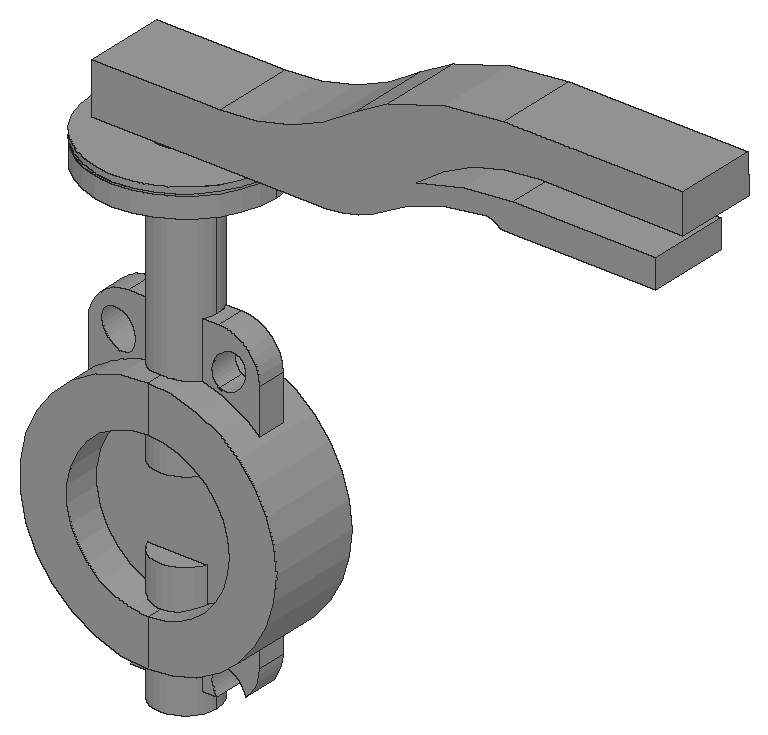
Revit family "2M_Butterfly Valve_UNIVAL_BWN-0302 - 40-600 mm", category Pipe Accessories, Revit 2016
Family settings
  Part Type = Valve - Breaks Into
  Round Connector Dimension = Use Diameter
  OmniClass Number = 23.65.55.14.17
  OmniClass Title = Adjusting/Controlling Valves for Liquid Services
  Work Plane-Based = No
  Always vertical = Yes
  Cut with Voids When Loaded = No
  Shared = No
Parameters (values of type "DN80")
  built-in parameter 1114242 [instance] = 1
  T = -10 mm
  Symbol_consist = E / 30 * 17  # 26.067 mm
  Seat Material = "EPDM / NBR"
  Loss Method = K Coefficient from Table
  Kv = 375
  K Coefficient Table = "Butterfly Valve Full Open"
  Ear_x1 = 22 mm
  Ear_y1 = 22 mm
  URL = "http://www.unival.com.tr/"
  Stem_top_h = 1 mm
  Standard No = "TS EN 593+A1"
  Pressure Rating = "PN16"
  Operator Type = M_Handle - Curved : Lever_260mm
  Model = "BWN-0302X080"
  Max. Working Temperature = "EPDM 120°C (water), NBR 90°C (water and petroleum oil)"
  Max. Working Pressure = "11 Bar"
  Max Diff. Pressure (Allowed) = "3 Bar"
  Manufacturer = "Giacomini Unival\r\nGiacomini Unival"
  Gasket Material = "EPDM / NBR"
  Stem_D = 30.816 mm
  Eclipse_r2 = Eclipse_r1 / 1.3  # 15.385 mm
  Eclipse_r1 = 20 mm
  Eclipse_l = 27 mm
  Eclipse_h = 70 mm
  EarEdge_r = 20 mm
  EarBottom_h = 75 mm
  Disc_r = DN / 2  # 40 mm
  Disc Material = "Nickel plated ductile iron"
  Description TR = "Wafer tip kelebek vana"
  Description = "Wafer type butterfly valve"
  DN = 80 mm
  D = 90 mm
  Connection Type = "Wafer"
  Certifications = "TSE EAC CE"
  E = 46 mm
  Body Material = "Ductile iron"
  Body_r = DN / 2 + 23 mm  # 63 mm
  B = 85 mm
  Eclipse_angle = 30.00°
  A = 160 mm
Types (15, lengths in mm): name | T | Symbol_consist | Kv | Ear_x1 | Ear_y1 | Stem_top_h | Operator Type | Model | Max Diff. Pressure (Allowed) | Stem_D | Eclipse_r2 | Eclipse_r1 | Eclipse_l | Eclipse_h | EarEdge_r | EarBottom_h | Disc_r | DN | D | E | Body_r | B | Eclipse_angle | A
  DN100 | -10 | 29.183 | 760 | 32 | 40 | 1 | M_Handle - Curved : Lever_260mm | "BWN-0302X100" | "3 Bar" | 34.5 | 20 | 26 | 36 | 86 | 25 | 90 | 50 | 100 | 90 | 51.5 | 73 | 100 | 30.00° | 180
  DN250 | -10 | 38.817 | 5050 | 75 | 70 | 26 | M_Handle - Curved : Lever_416mm | "BWN-0302X250" | "1.5 Bar" | 45.888 | 40 | 52 | 70 | 168 | 32 | 180 | 125 | 250 | 125 | 68.5 | 148 | 200 | 30.00° | 274
  DN40 | -10 | 19.55 | 49.5 | 20 | 22 | 1 | M_Handle - Curved : Lever_260mm | "BWN-0302X040" | "3 Bar" | 23.112 | 13.846 | 18 | 20 | 50 | 10 | 54 | 20 | 40 | 90 | 34.5 | 43 | 63.5 | 20.00° | 140
  DN50 | -10 | 24.367 | 115 | 20 | 22 | 1 | M_Handle - Curved : Lever_260mm | "BWN-0302X050" | "3 Bar" | 28.806 | 13.846 | 18 | 22 | 56 | 14 | 60 | 25 | 50 | 90 | 43 | 48 | 68.5 | 30.00° | 140
  DN65 | -10 | 25.5 | 255 | 20 | 22 | 1 | M_Handle - Curved : Lever_260mm | "BWN-0302X065" | "3 Bar" | 30.146 | 13.846 | 18 | 23 | 65 | 14 | 70 | 32.5 | 65 | 90 | 45 | 55.5 | 76 | 30.00° | 152
  DN80 | -10 | 26.067 | 375 | 22 | 22 | 1 | M_Handle - Curved : Lever_260mm | "BWN-0302X080" | "3 Bar" | 30.816 | 15.385 | 20 | 27 | 70 | 20 | 75 | 40 | 80 | 90 | 46 | 63 | 85 | 30.00° | 160
  DN125 | -10 | 31.733 | 1030 | 34 | 36 | 1 | M_Handle - Curved : Lever_260mm | "BWN-0302X125" | "3 Bar" | 37.515 | 21.538 | 28 | 38 | 98 | 28 | 105 | 62.5 | 125 | 90 | 56 | 85.5 | 120 | 30.00° | 191
  DN150 | -10 | 32.017 | 1790 | 42 | 42 | 1 | M_Handle - Curved : Lever_260mm | "BWN-0302X150" | "3 Bar" | 37.85 | 23.077 | 30 | 46 | 110 | 25 | 117 | 75 | 150 | 90 | 56.5 | 98 | 132 | 30.00° | 202
  DN200 | -10 | 34 | 3450 | 56 | 52 | 23 | M_Handle - Curved : Lever_326mm | "BWN-0302X200" | "3 Bar" | 40.194 | 32.308 | 42 | 58 | 136 | 30 | 145 | 100 | 200 | 125 | 60 | 123 | 160 | 30.00° | 237
  DN300 | -10 | 45.05 | 7420 | 80 | 80 | 26 | M_Handle - Curved : Lever_416mm | "BWN-0302X300" | "1.5 Bar" | 53.257 | 44.615 | 58 | 84 | 194 | 40 | 208 | 150 | 300 | 125 | 79.5 | 173 | 230 | 30.00° | 312
  DN350 | -24 | 44.2 | 10300 | 86 | 90 | 1 | M_Gear - Operator  : GearS | "BWN-0302X350" | "" | 52.252 | 53.846 | 70 | 78 | 228 | 44 | 270 | 175 | 350 | 125 | 78 | 198 | 280 | 30.00° | 368
  DN400 | -25 | 49.867 | 14007 | 94 | 90 | 1 | M_Gear - Operator  : GearM | "BWN-0302X400" | "" | 58.951 | 56.923 | 74 | 84 | 256 | 44 | 300 | 200 | 400 | 175 | 88 | 223 | 310 | 30.00° | 400
  DN450 | -26 | 61.767 | 18551 | 94 | 90 | 1 | M_Gear - Operator  : GearM | "BWN-0302X450" | "" | 73.019 | 56.923 | 74 | 86 | 280 | 44 | 330 | 225 | 450 | 175 | 109 | 248 | 340 | 30.00° | 422
  DN500 | -25 | 71.967 | 23853 | 110 | 96 | 1 | M_Gear - Operator  : GearL | "BWN-0302X500" | "" | 85.078 | 64.615 | 84 | 100 | 310 | 50 | 370 | 250 | 500 | 210 | 127 | 273 | 388 | 30.00° | 480
  DN600 | -30 | 87.267 | 36894 | 130 | 130 | 1 | M_Gear - Operator  : GearL | "BWN-0302X600" | "" | 103.165 | 76.923 | 100 | 116 | 376 | 50 | 436 | 300 | 600 | 210 | 154 | 323 | 450 | 30.00° | 562
Reference planes
  plane 1 "Center (Front/Back)": y = 0
  plane 2: z = 0
  plane 3 "Center (Left/Right)": x = 0
  plane 4 "Disk": z = 40
  plane 5 "Disc 2": z = -40
  plane 6 "A": z = 160
  plane 7: z = -85
  plane 8: z = 20
  plane 9: z = -20
  plane 10 "Handle_Plane": z = 161
  plane 11: y = 23
  plane 12: y = -23
  plane 13: x = -84.994
  plane 14: x = 84.994
Forms (mm)
  Extrusion 1, solid, material "UNIVAL_Grey", detail levels fine
    sketch origin (0, 0, 0) x (1, 0, 0) y (0, 0, 1)
      loop
        circle (0, 0) r 40
    from -5 to 5
  Revolve 2, solid, material "UNIVAL_IRON", detail levels fine
    sketch origin (0, 0, 0) x (0, 1, 0) y (0, 0, 1)
      loop
        line (23, 63) -> (-23, 63) -> (-23, 40) -> (23, 40) -> (23, 63)
      axis (23, 0) -> (-23, 0)
    angle from 0 to 360
  Extrusion 3, solid, material "UNIVAL_IRON", detail levels fine
    sketch origin (0, 0, 0) x (1, 0, 0) y (0, 1, 0)
      loop
        circle (0, 0) r 15.408
    from 40 to 160
  Extrusion 4, solid, material "UNIVAL_IRON", detail levels fine
    sketch origin (0, 0, 0) x (1, 0, 0) y (0, 1, 0)
      loop
        circle (0, 0) r 15.408
    from -85 to -40
  Extrusion 5, solid, material "UNIVAL_IRON", detail levels fine
    sketch origin (0, 0, 160) x (1, 0, 0) y (0, 1, 0)
      loop
        circle (0, 0) r 45
    from -10 <- "T" to 0
  Extrusion 6, solid, material "UNIVAL_Grey", detail levels fine
    sketch origin (0, 0, 40) x (-1, 0, 0) y (0, -1, 0)
      loop
        circle (0, 0) r 15.408
    from -20 to 0
  Extrusion 7, solid, material "UNIVAL_Grey", detail levels fine
    sketch origin (0, 0, -40) x (-1, 0, 0) y (0, -1, 0)
      loop
        circle (0, 0) r 15.408
    from 0 to 20
  Extrusion 8, solid, material "UNIVAL_IRON", detail levels fine
    sketch origin (-1351.99, -1524, 160) x (-1, 0, 0) y (0, -1, 0)
      loop
        circle (-1351.99, -1524) r 45
    from 0 to 1 <- "Stem_top_h"
  Extrusion 9, solid, material "UNIVAL_IRON", detail levels fine
    sketch origin (0, 0, 0) x (1, 0, 0) y (0, 0, 1)
      loop
        arc (-22, 88.957) -> (-36.142, 83.1) -> (-42, 68.957) r 20
        line (-42, 68.957) -> (-42, 46.957)
        arc (-42, 46.957) -> (0, 63) -> (42, 46.957) r 63
        line (42, 46.957) -> (42, 68.957)
        arc (42, 68.957) -> (36.142, 83.1) -> (22, 88.957) r 20
        line (22, 88.957) -> (0, 88.957) -> (-22, 88.957)
      loop
        line (-22, -75) -> (0, -75) -> (22, -75)
        arc (22, -75) -> (36.142, -69.142) -> (42, -55) r 20
        line (42, -55) -> (42, -46.957)
        arc (42, -46.957) -> (0, -63) -> (-42, -46.957) r 63
        line (-42, -46.957) -> (-42, -55)
        arc (-42, -55) -> (-36.142, -69.142) -> (-22, -75) r 20
    from -7 to 7
  Extrusion 10, void, detail levels medium+fine
    sketch origin (0, 0, 0) x (1, 0, 0) y (0, 0, 1)
      loop
        spline (22, 61.34) -> (23.895, 60.639) -> (26.001, 60.577) -> (28.175, 61.157) -> (30.269, 62.339) -> (32.141, 64.043) -> (33.662, 66.154) -> (34.729, 68.526) -> (35.269, 70.999) -> (35.246, 73.404) -> (34.661, 75.577) -> (33.554, 77.37) -> (32, 78.66)
        spline (32, 78.66) -> (30.105, 79.361) -> (27.999, 79.423) -> (25.825, 78.843) -> (23.731, 77.661) -> (21.859, 75.957) -> (20.338, 73.846) -> (19.271, 71.474) -> (18.731, 69.001) -> (18.754, 66.596) -> (19.339, 64.423) -> (20.446, 62.63) -> (22, 61.34)
    from -10 to 10
  Extrusion 11, void, detail levels medium+fine
    sketch origin (0, 0, 0) x (-1, 0, 0) y (0, 0, -1)
      loop
        spline (22, -61.34) -> (20.446, -62.63) -> (19.339, -64.423) -> (18.754, -66.596) -> (18.731, -69.001) -> (19.271, -71.474) -> (20.338, -73.846) -> (21.859, -75.957) -> (23.731, -77.661) -> (25.825, -78.843) -> (27.999, -79.423) -> (30.105, -79.361) -> (32, -78.66)
        spline (32, -78.66) -> (33.554, -77.37) -> (34.661, -75.577) -> (35.246, -73.404) -> (35.269, -70.999) -> (34.729, -68.526) -> (33.662, -66.154) -> (32.141, -64.043) -> (30.269, -62.339) -> (28.175, -61.157) -> (26.001, -60.577) -> (23.895, -60.639) -> (22, -61.34)
    from -7 to 7
  Extrusion 12, void, detail levels medium+fine
    sketch origin (0, 0, 0) x (1, 0, 0) y (0, 0, 1)
      loop
        spline (22, -61.34) -> (20.446, -62.63) -> (19.339, -64.423) -> (18.754, -66.596) -> (18.731, -69.001) -> (19.271, -71.474) -> (20.338, -73.846) -> (21.859, -75.957) -> (23.731, -77.661) -> (25.825, -78.843) -> (27.999, -79.423) -> (30.105, -79.361) -> (32, -78.66)
        spline (32, -78.66) -> (33.554, -77.37) -> (34.661, -75.577) -> (35.246, -73.404) -> (35.269, -70.999) -> (34.729, -68.526) -> (33.662, -66.154) -> (32.141, -64.043) -> (30.269, -62.339) -> (28.175, -61.157) -> (26.001, -60.577) -> (23.895, -60.639) -> (22, -61.34)
    from -7 to 7
  Extrusion 13, void, detail levels medium+fine
    sketch origin (0, 0, 0) x (-1, 0, 0) y (0, 0, -1)
      loop
        spline (22, 61.34) -> (23.895, 60.639) -> (26.001, 60.577) -> (28.175, 61.157) -> (30.269, 62.339) -> (32.141, 64.043) -> (33.662, 66.154) -> (34.729, 68.526) -> (35.269, 70.999) -> (35.246, 73.404) -> (34.661, 75.577) -> (33.554, 77.37) -> (32, 78.66)
        spline (32, 78.66) -> (30.105, 79.361) -> (27.999, 79.423) -> (25.825, 78.843) -> (23.731, 77.661) -> (21.859, 75.957) -> (20.338, 73.846) -> (19.271, 71.474) -> (18.731, 69.001) -> (18.754, 66.596) -> (19.339, 64.423) -> (20.446, 62.63) -> (22, 61.34)
    from -7 to 7
Cuts and joins
  joined: Revolve 2, Extrusion 3, Extrusion 4, Extrusion 5
  joined: Extrusion 1, Extrusion 6, Extrusion 7
  Extrusion 10, Extrusion 11, Extrusion 12, Extrusion 13 cuts Extrusion 9
Lines and regions (mm)
  model lines, detail levels coarse+medium
    curve 1: line (-13.033, 23, 0) -> (13.033, 23, 0)
    curve 3: line (13.033, -23, 0) -> (-13.033, -23, 0)
    curve 5: line (-13.033, -23, 0) -> (13.033, 23, 0)
    curve 6: line (13.033, -23, 0) -> (-13.033, 23, 0)
  model lines, not visible, detail levels coarse+medium
    curve 2: line (-13.033, -23, 0) -> (-13.033, 23, 0)
    curve 4: line (13.033, 23, 0) -> (13.033, -23, 0)
Dimensions and locks
  equal spacing: Revolve 2 sketch curve, plane 1 "Center (Front/Back)", Revolve 2 sketch curve
  "E": Revolve 2 sketch curve to Revolve 2 sketch curve
  "Disc_r": Revolve 2 sketch curve to Revolve 2 sketch curve
  "Body_r": Revolve 2 sketch curve to Revolve 2 sketch curve
  "Disc_r": plane 4 "Disk" to plane 2
  "Disc_r": level to plane 5 "Disc 2"
  "A": plane 6 "A" to plane 2
  "B": level to plane 7
  equal spacing: plane 4 "Disk", plane 8, level
  equal spacing: level, plane 9, plane 5 "Disc 2"
  "Stem_top_h": plane 10 "Handle_Plane" to plane 6 "A"
  "E": plane 12 to plane 11
  equal spacing: plane 12, plane 1 "Center (Front/Back)", plane 11
  "Ear_x1": nested 1 to Extrusion 9 sketch curve
  "Ear_y1": Extrusion 9 sketch curve to Extrusion 9 sketch curve  (x2)
  "Ear_x1": Extrusion 9 sketch curve to plane 3 "Center (Left/Right)"  (x2)
  "Eclipse_l": Extrusion 10 sketch curve to plane 3 "Center (Left/Right)"
  "Eclipse_h": Extrusion 10 sketch curve to level
  "Eclipse_r2": Extrusion 10 sketch curve to Extrusion 10 sketch curve
  "Eclipse_r1": Extrusion 10 sketch curve to Extrusion 10 sketch curve
  "Eclipse_r2": Extrusion 11 sketch curve to Extrusion 11 sketch curve
  "Eclipse_r1": Extrusion 11 sketch curve to Extrusion 11 sketch curve
  "Eclipse_l": plane 3 "Center (Left/Right)" to Extrusion 11 sketch curve
  "Eclipse_h": Extrusion 11 sketch curve to level
  "Eclipse_r2": Extrusion 12 sketch curve to Extrusion 12 sketch curve
  "Eclipse_r1": Extrusion 12 sketch curve to Extrusion 12 sketch curve
  "Eclipse_r2": Extrusion 13 sketch curve to Extrusion 13 sketch curve
  "Eclipse_r1": Extrusion 13 sketch curve to Extrusion 13 sketch curve
  "Eclipse_h": level to Extrusion 12 sketch curve
  "Eclipse_l": Extrusion 12 sketch curve to plane 3 "Center (Left/Right)"
  "Eclipse_l": plane 3 "Center (Left/Right)" to Extrusion 13 sketch curve
  "Eclipse_h": level to Extrusion 13 sketch curve
  equal spacing: Extrusion 9 sketch curve, Extrusion 9 sketch curve, Extrusion 9 sketch curve
  "Ear_x1": plane 3 "Center (Left/Right)" to Extrusion 9 sketch curve
  "EarBottom_h": level to Extrusion 9 sketch curve
  "Symbol_consist": curve 2 to curve 1
  equal spacing: curve 2, plane 3 "Center (Left/Right)", curve 4
  "Disc_r": radius of Extrusion 1 sketch curve
  "Stem_D": diameter of Extrusion 3 sketch curve
  "Stem_D": diameter of Extrusion 4 sketch curve
  "D": diameter of Extrusion 5 sketch curve
  "Stem_D": diameter of Extrusion 6 sketch curve
  "Stem_D": diameter of Extrusion 7 sketch curve
  "D": diameter of Extrusion 8 sketch curve
  "EarEdge_r": radius of Extrusion 9 sketch curve  (x3)
  "Eclipse_angle": angle plane 3 "Center (Left/Right)" to Extrusion 11 sketch curve
  "Eclipse_angle": angle plane 3 "Center (Left/Right)" to Extrusion 12 sketch curve
  "Eclipse_angle": angle Extrusion 13 sketch curve to plane 3 "Center (Left/Right)"
  "Eclipse_angle": angle Extrusion 10 sketch curve to plane 3 "Center (Left/Right)"
  aligned and locked: level to plane 2
  aligned and locked: Revolve 2 sketch curve to level
  aligned and locked: Extrusion 3 to plane 4 "Disk"
  aligned and locked: plane 6 "A" to Extrusion 3
  aligned and locked: plane 5 "Disc 2" to Extrusion 4
  aligned and locked: plane 7 to Extrusion 4
  aligned and locked: Extrusion 6 to Extrusion 3
  aligned and locked: Extrusion 6 to plane 8
  aligned and locked: plane 9 to Extrusion 7
  aligned and locked: Extrusion 7 to plane 5 "Disc 2"
  aligned and locked: Extrusion 9 sketch curve to cut or joined group of Revolve 2, Extrusion 3, Extrusion 4, Extrusion 5  (x2)
Automatic sketch dimensions
  Extrusion 1 sketch curve to level = 0 mm
  Extrusion 1 sketch curve to plane 3 "Center (Left/Right)" = 0 mm
  plane 12 to Revolve 2 sketch curve = 2821.218 mm
  Revolve 2 sketch curve to plane 11 = 1437.719 mm
  plane 1 "Center (Front/Back)" to Extrusion 3 sketch curve = 0 mm
  Extrusion 3 sketch curve to plane 3 "Center (Left/Right)" = 0 mm
  plane 1 "Center (Front/Back)" to Extrusion 4 sketch curve = 0 mm
  Extrusion 4 sketch curve to plane 3 "Center (Left/Right)" = 0 mm
  plane 1 "Center (Front/Back)" to Extrusion 6 sketch curve = 0 mm
  Extrusion 6 sketch curve to plane 3 "Center (Left/Right)" = 0 mm
  plane 1 "Center (Front/Back)" to Extrusion 7 sketch curve = 0 mm
  Extrusion 7 sketch curve to plane 3 "Center (Left/Right)" = 0 mm
  plane 1 "Center (Front/Back)" to Extrusion 8 sketch curve = 0 mm
  Extrusion 8 sketch curve to plane 3 "Center (Left/Right)" = 0 mm
  plane 12 to curve 3 = 0 mm
  plane 11 to curve 2 = 0 mm
  Extrusion 9 sketch curve to plane 3 "Center (Left/Right)" = 0 mm
Nested families
  nested 1: "M_Handle - Curved" at (0, 0, 161), type <- "Operator Type", type "Lever_260mm", detail levels fine
    with Stem_D 30.816 mm
Connectors
  piping at (0, -23, 0), diameter 80, driven by "DN"
    settings: on Revolve 2, index 1, connector inside diameter 609.6 mm, connector length 0 mm, flow factor 0, pipe flow 0.0 L/s, pressure drop 0.0 Pa, fitting loss kfactor 0, connector angle 0.00°, fixture units 0, engagement length 0 mm, angle of deflection 0.00°, flow configuration 0, flow direction 0, fitting loss method 0, system type 29, joint type 0, gender type 0, connector reference index 2, connector utility 0, adjustable connector no, is connector primary yes, connector description ""
  piping at (0, 23, 0), diameter 80, driven by "DN"
    settings: on Revolve 2, index 2, connector inside diameter 609.6 mm, connector length 0 mm, flow factor 0, pipe flow 0.0 L/s, pressure drop 0.0 Pa, fitting loss kfactor 0, connector angle 0.00°, fixture units 0, engagement length 0 mm, angle of deflection 0.00°, flow configuration 0, flow direction 0, fitting loss method 0, system type 29, joint type 0, gender type 0, connector reference index 1, connector utility 0, adjustable connector no, is connector primary no, connector description ""
Definition of nested family "M_Handle - Curved"
  Parameters (values of type "Lever_326mm")
    Stem_D = 23.112 mm
    L_Handle = 260 mm
    L2 = L1 + 3 mm  # 140 mm
    L1 = 137 mm
    Default Elevation = 1219.2 mm
    D_Handle = 23.112 mm
  Types (3, lengths in mm): name | L_Handle | L2 | L1 | D_Handle
    Lever_260mm | 26 | 74 | 71 | 90
    Lever_326mm | 260 | 140 | 137 | 23.112
    Lever_416mm | 260 | 230 | 227 | 23.112
  Reference planes
    plane 1 "Center (Front/Back)": y = 0
    plane 2: z = 0
    plane 3 "Center (Left/Right)": x = 0
  Forms (mm)
    Extrusion 1, solid
      sketch origin (0, 0, 0) x (1, 0, 0) y (0, 1, 0)
        loop
          line (-360, 340) -> (-360, -334.649) -> (361.39, -334.649) -> (361.39, 340) -> (-360, 340)
      from 0 to -82.308
    Extrusion 2, solid
      sketch origin (-41.968, 0, -746.489) x (1, 0, 0) y (0, 0, 1)
        loop
          line (11.968, 753.489) -> (127.16, 753.489)
          arc (127.16, 753.489) -> (139.188, 755.108) -> (150.552, 759.372) r 54.013
          arc (150.552, 759.372) -> (176.894, 772.229) -> (205.698, 777.663) r 109.864
          arc (205.698, 777.663) -> (208.156, 777.429) -> (210.44, 776.49) r 8.395
          arc (210.44, 776.49) -> (212.221, 774.984) -> (214.509, 774.535) r 4.642
          line (214.509, 774.535) -> (354.509, 774.535) -> (354.509, 788.507) -> (218.712, 788.507)
          arc (218.712, 788.507) -> (194.423, 786.381) -> (170.871, 780.071) r 139.878
          arc (170.871, 780.071) -> (198.908, 796.978) -> (231.113, 802.867) r 90.996
          line (231.113, 802.867) -> (368.113, 802.867) -> (368.113, 822.274) -> (214.272, 822.274)
          arc (214.272, 822.274) -> (185.304, 818.955) -> (157.465, 810.285) r 155.405
          line (157.465, 810.285) -> (141.473, 801.155)
          arc (141.473, 801.155) -> (109.966, 784.24) -> (74.686, 778.393) r 109.363
          line (74.686, 778.393) -> (11.968, 778.393) -> (11.968, 753.489)
      from -20 to 20
    Extrusion 3, solid
      sketch origin (0, 0, 0) x (1, 0, 0) y (0, 1, 0)
        loop
          circle (0, 0) r 11.556
      from 0 to 3
    Extrusion 4, solid
      sketch origin (0, 0, 0) x (1, 0, 0) y (0, 1, 0)
        loop
          circle (0, 0) r 11.556
      from 0 to 7
  Dimensions and locks
    "L2": Extrusion 2 sketch curve to Extrusion 2 sketch curve
    Extrusion 2 to plane 3 "Center (Left/Right)" = 326.145 mm
    "D_Handle": diameter of Extrusion 3 sketch curve
    "D_Handle": diameter of Extrusion 3
    "Stem_D": diameter of Extrusion 4 sketch curve
    aligned and locked: plane 2 to Extrusion 1
    aligned and locked: level to Extrusion 1
    aligned and locked: plane 1 "Center (Front/Back)" to Extrusion 3 sketch curve
    aligned and locked: plane 1 "Center (Front/Back)" to Extrusion 4 sketch curve
    aligned and locked: plane 3 "Center (Left/Right)" to Extrusion 4 sketch curve
  Automatic sketch dimensions
    Extrusion 1 sketch curve to Extrusion 1 sketch curve = 721.39 mm
    Extrusion 1 sketch curve to Extrusion 1 sketch curve = 674.649 mm
    Extrusion 2 sketch curve to plane 3 "Center (Left/Right)" = 30 mm
    plane 3 "Center (Left/Right)" to Extrusion 2 sketch curve = 32.717 mm
    Extrusion 2 sketch curve to Extrusion 2 sketch curve = 51.329 mm
    level to Extrusion 2 sketch curve = 7 mm
    Extrusion 2 sketch curve to Extrusion 2 sketch curve = 1.145 mm
    Extrusion 2 sketch curve to Extrusion 2 sketch curve = 15.459 mm
    Extrusion 2 sketch curve to Extrusion 2 sketch curve = 15.992 mm
    Extrusion 2 sketch curve to Extrusion 2 sketch curve = 48.675 mm
    Extrusion 2 sketch curve to Extrusion 2 sketch curve = 5.341 mm
    Extrusion 2 sketch curve to Extrusion 2 sketch curve = 8.091 mm
    Extrusion 2 sketch curve to Extrusion 2 sketch curve = 0.041 mm
    Extrusion 2 sketch curve to Extrusion 2 sketch curve = 0.278 mm
    Extrusion 2 sketch curve to Extrusion 2 sketch curve = 5.915 mm
    Extrusion 2 sketch curve to Extrusion 2 sketch curve = 4.482 mm
    Extrusion 2 sketch curve to Extrusion 2 sketch curve = 13.718 mm
    Extrusion 2 sketch curve to Extrusion 2 sketch curve = 13.605 mm
    Extrusion 2 sketch curve to level = 34.618 mm
    Extrusion 2 sketch curve to Extrusion 2 sketch curve = 43.92 mm
    Extrusion 2 sketch curve to Extrusion 2 sketch curve = 1.051 mm
    Extrusion 2 sketch curve to Extrusion 2 sketch curve = 18.272 mm
    level to Extrusion 2 sketch curve = 22.79 mm
    Extrusion 2 sketch curve to Extrusion 2 sketch curve = 5.255 mm
    level to Extrusion 2 sketch curve = 31.903 mm
    Extrusion 2 sketch curve to Extrusion 2 sketch curve = 4.633 mm
    Extrusion 2 sketch curve to Extrusion 2 sketch curve = 13.971 mm
    Extrusion 2 sketch curve to Extrusion 2 sketch curve = 47.666 mm
    Extrusion 2 sketch curve to Extrusion 2 sketch curve = 14.361 mm
    Extrusion 2 sketch curve to Extrusion 2 sketch curve = 6.336 mm
    Extrusion 2 sketch curve to Extrusion 2 sketch curve = 9.13 mm
    level to Extrusion 2 sketch curve = 12.883 mm
    Extrusion 2 sketch curve to Extrusion 2 sketch curve = 0 mm
    Extrusion 3 sketch curve to plane 3 "Center (Left/Right)" = 0 mm
